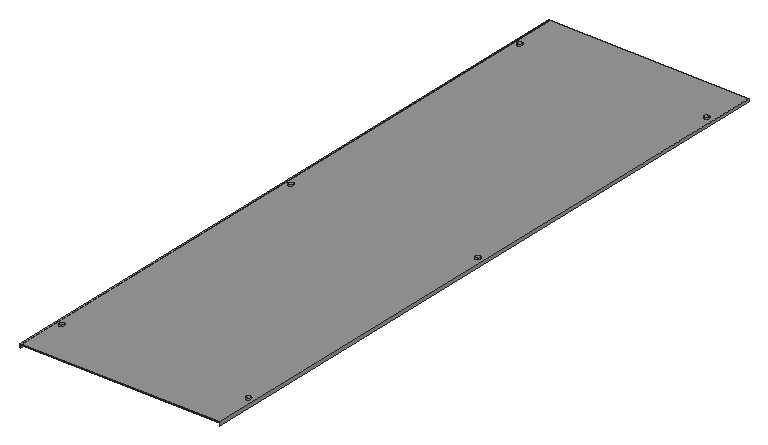
Revit family "Deckel mit Drehriegel_für Kabelrinne und Kabelleiter_NB75-NB900", category Allgemeines Modell, Revit 2015
Parameters (values of type "DRL 900 FT")
  Width 2 = 27.5 mm
  Width 1 = 1.5 mm
  Width = 902 mm
  URL = "http://www.obo-bettermann.com"
  Material = Hot-dip galvanised
  Manufacturer Art.No. = "6051481"
  Hersteller = "OBO Bettermann"
  Length 2 = 1500 mm
  Length 1 = 200 mm
  Length = 3000 mm
  Height = 13 mm
  GTIN = "4012196190553"
  Article Type = "DRL 900 FT"
Types (32, lengths in mm): name | Width 2 | Width 1 | Width | Material | Manufacturer Art.No. | GTIN | Article Type
  (no name) | 27.5 | 1.5 | 902 | Hot-dip galvanised | "6051481" | "4012196190553" | "DRL 900 FT"
  DRL 075 FS | 25 | 1 | 77 | Strip galvanised | "6052029" | "4012196385577" | "DRL 075 FS"
  DRL 100 FS | 26 | 1 | 102 | Strip galvanised | "6052096" | "4012196057979" | "DRL 100 FS"
  DRL 100 DD | 26 | 1 | 102 | Strip galvanised zinc/aluminium | "6052703" | "4012196038770" | "DRL 100 DD"
  DRL 100 FT | 26 | 1 | 102 | Hot-dip galvanised | "6051340" | "4012196432370" | "DRL 100 FT"
  DRL 1,5 100 FT | 26 | 1.5 | 102 | Hot-dip galvanised | "6051345" | "4012196190508" | "DRL 1,5 100 FT"
  DRL 150 FS | 26 | 1 | 152 | Strip galvanised | "6052150" | "4012196058099" | "DRL 150 FS"
  DRL 150 DD | 26 | 1 | 152 | Strip galvanised zinc/aluminium | "6052706" | "4012196038831" | "DRL 150 DD"
  DRL 150 FT | 26 | 1 | 152 | Hot-dip galvanised | "6051359" | "4012196432257" | "DRL 150 FT"
  DRL 200 FS | 26 | 1 | 202 | Strip galvanised | "6052207" | "4012196058150" | "DRL 200 FS"
  DRL 200 DD | 26 | 1 | 202 | Strip galvanised zinc/aluminium | "6052709" | "4012196038893" | "DRL 200 DD"
  DRL 200 FT | 26 | 1 | 202 | Hot-dip galvanised | "6051367" | "4012196611898" | "DRL 200 FT"
  DRL 300 FS | 26 | 1 | 302 | Strip galvanised | "6052304" | "4012196058273" | "DRL 300 FS"
  DRL 300 DD | 26 | 1 | 302 | Strip galvanised zinc/aluminium | "6052712" | "4012196038954" | "DRL 300 DD"
  DRL 300 FT | 26 | 1 | 302 | Hot-dip galvanised | "6051383" | "4012196611775" | "DRL 300 FT"
  DRL 300 FT SO | 26 | 1 | 302 | Hot-dip galvanised | "7196037" | "4012195624103" | "DRL 300 FT SO"
  DRL 400 FS | 26 | 1 | 402 | Strip galvanised | "6052401" | "4012196058396" | "DRL 400 FS"
  DRL 400 DD | 26 | 1 | 402 | Strip galvanised zinc/aluminium | "6052715" | "4012196039012" | "DRL 400 DD"
  DRL 400 FT | 26 | 1.5 | 402 | Hot-dip galvanised | "6051413" | "4012196611713" | "DRL 400 FT"
  DRL 450 FT | 26.5 | 1.5 | 452 | Hot-dip galvanised | "6052450" | "4012195460145" | "DRL 450 FT"
  DRL 500 FS | 26.5 | 1.5 | 502 | Strip galvanised | "6052509" | "4012196058518" | "DRL 500 FS"
  DRL 500 DD | 26.5 | 1.5 | 502 | Strip galvanised zinc/aluminium | "6052718" | "4012196039074" | "DRL 500 DD"
  DRL 500 FT | 26.5 | 1.5 | 502 | Hot-dip galvanised | "6051448" | "4012196087792" | "DRL 500 FT"
  DRL 500 FT SO | 26.5 | 1.5 | 502 | Hot-dip galvanised | "7196045" | "4012195652427" | "DRL 500 FT SO"
  DRL 550 FS | 26.5 | 1.5 | 552 | Strip galvanised | "6052568" | "4012196058631" | "DRL 550 FS"
  DRL 550 DD | 26.5 | 1.5 | 552 | Strip galvanised zinc/aluminium | "6052721" | "4012196039135" | "DRL 550 DD"
  DRL 600 FS | 26.5 | 1.5 | 602 | Strip galvanised | "6052606" | "4012196058754" | "DRL 600 FS"
  DRL 600 DD | 26.5 | 1.5 | 602 | Strip galvanised zinc/aluminium | "6052724" | "4012196039197" | "DRL 600 DD"
  DRL 600 FT | 26.5 | 1.5 | 602 | Hot-dip galvanised | "6051472" | "4012196595631" | "DRL 600 FT"
  DRL 600 FT SO | 26.5 | 1.5 | 602 | Hot-dip galvanised | "7196061" | "4012195624127" | "DRL 600 FT SO"
  DRL 750 DD | 27.5 | 1.5 | 752 | Strip galvanised zinc/aluminium | "6052725" | "4012196127894" | "DRL 750 DD"
  DRL 900 FT | 27.5 | 1.5 | 902 | Hot-dip galvanised | "6051481" | "4012196190553" | "DRL 900 FT"
Reference planes
  plane 1 "Center (Front/Back)": y = 0
  plane 2: z = 0
  plane 3 "Center (Left/Right)": x = 0
  plane 4: y = 3000
  plane 5: z = 16.3
Forms (mm)
  Extrusion 1, solid, material "Hot-dip galvanised" <- "Material"
    sketch origin (0, 0, 0) x (1, 0, 0) y (0, 0, 1)
      loop
        line (-451, 0) -> (-451, 11.5) -> (451, 11.5) -> (451, 0) -> (452.5, 0) -> (452.5, 13) -> (-452.5, 13) -> (-452.5, 0) -> (-451, 0)
    from 0 to -3000
  Extrusion 2, solid, material "Hot-dip galvanised" <- "Material"
    sketch origin (0, 0, 0) x (1, 0, 0) y (0, 1, 0)
      loop
        circle (-425, 200) r 10
      loop
        circle (-425, 1500) r 10
      loop
        circle (-425, 2800) r 10
      loop
        circle (423.5, 200) r 10
      loop
        circle (425, 1500) r 10
      loop
        circle (423.5, 2800) r 10
    from 13 to 16.3
Dimensions and locks
  "Width": Extrusion 1 sketch curve to Extrusion 1 sketch curve
  equal spacing: Extrusion 1 sketch curve, plane 3 "Center (Left/Right)", Extrusion 1 sketch curve
  "Width 1": Extrusion 1 sketch curve to Extrusion 1 sketch curve  (x3)
  "Height": Extrusion 1 sketch curve to level
  "Length": plane 1 "Center (Front/Back)" to plane 4
  "Length 1": Extrusion 1 to Extrusion 2 sketch curve  (x3)
  "Width 2": Extrusion 1 to Extrusion 2 sketch curve  (x3)
  "Length 2": plane 1 "Center (Front/Back)" to Extrusion 2 sketch curve  (x2)
  locked: plane 5 to Extrusion 1 at 3.3
  "Width 2": Extrusion 2 sketch curve to Extrusion 1  (x3)
  "Length 1": plane 4 to Extrusion 2 sketch curve
  radius of Extrusion 2 sketch curve = 10 mm  (x6)
  aligned and locked: level to plane 2
  aligned and locked: level to Extrusion 1 sketch curve  (x2)
  aligned and locked: plane 1 "Center (Front/Back)" to Extrusion 1
  aligned and locked: Extrusion 1 to plane 4
  aligned and locked: Extrusion 2 to Extrusion 1
  aligned and locked: Extrusion 2 to plane 5
